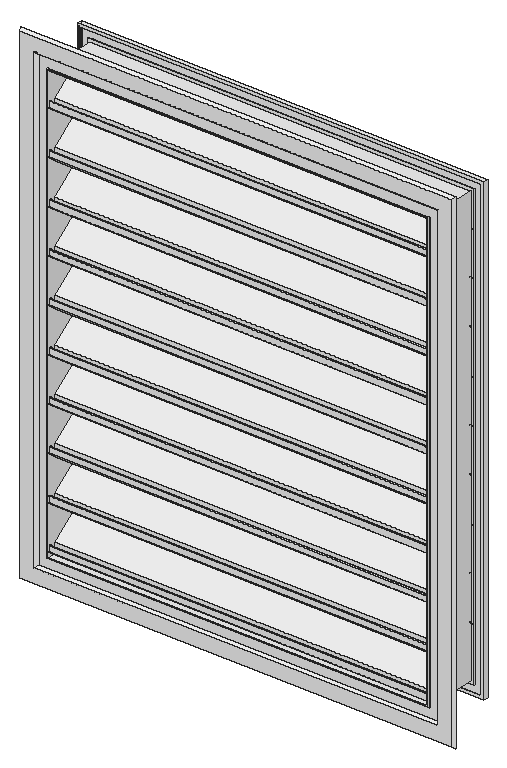
Revit family
Parameters (values of type "OHL-F-D")
  URL = "http://www.productspec.net/products/18507/holyoake-industries-ltd/drainable-louver-ohl-f-d.aspx"
  Type Comments = "Drainable Louver in Flanged Surround"
  Technical Data = "http://www.collate.co.nz/nas/TechnicalFiles/2367/p18507/F9-F10%20OHLFD.pdf"
  Ownership = "Holyoake Industries Limited"
  Overall Opening = Exact Neck Height - 47.00 mm  # 753.00 mm
  Overall Depth = 38.30 mm
  Nominal Width = 706.00 mm
  Nominal Height = 806.00 mm
  Model = "OHL-F-D"
  Manufacturer = "Holyoake Industries Limited"
  Keynote = ""
  Flange Width = 25.40 mm
  Louver Depth = 106.35 mm
  Exact Overall Flange Height = Nominal Height + 44.80 mm  # 850.80 mm
  Exact Overall Flange Width = Nominal Width + 44.80 mm  # 750.80 mm
  Exact Neck Width = Nominal Width - 6.00 mm  # 700.00 mm
  Exact Neck Height = Nominal Height - 6.00 mm  # 800.00 mm
  Description = "Holyoake Drainable Louver"
  Created By = "Productspec Limited"
  Frame & Blades = Aluminium
  Top Blade Height = Overall Opening - Blade Cut Setout  # 67.20 mm
  Connector Width = Exact Neck Width - 71.00 mm  # 629.00 mm
  Connector Height = Exact Neck Height - 71.00 mm  # 729.00 mm
  Blade Width = 99.00 mm
  Blade Pitch = 76.20 mm
  Blade Offset = (Louver Depth - Blade Width) / 2  # 3.675 mm
  Blade Length = Exact Neck Width - 47.00 mm  # 653.00 mm
  Blade Height = 92.68 mm
  Blade Cut Setout = Blade Count * Blade Pitch  # 685.80 mm
  Blade Count = Blade Array Count - 1  # 9
  Blade Array Count = Overall Opening / Blade Pitch  # 9.8819
  Author = "Zinder Zhao"
  Assembly Code = ""
  Accessories = "Aluminium Bird mesh or insect mesh (fibreglass)"
Reference planes
  plane 1 "Flange Origin": y = 0
  plane 2: z = 23.5
  plane 3 "Center (Left/Right)": x = -20.2
  plane 4 "Overall Opening": z = 776.5
  plane 5: y = 101.3
  plane 6: z = 99.7
  plane 7: x = -373.2
  plane 8: x = 329.8
  plane 9: x = -395.6
  plane 10: x = 332.8
  plane 11: x = -370.2
  plane 12: z = 825.4
  plane 13: z = 800
  plane 14: z = 803
  plane 15 "Center": z = 400
  plane 16: z = 116.18
  plane 17 "Cut Blade Setout": z = 709.3
  plane 18 "Center (Front/Back)": y = -5.05
  plane 19: x = 355.2
  plane 20: z = -25.4
  plane 21: z = 0
  plane 22 "Blade Offset": y = -1.375
  plane 23: y = 97.625
  plane 24: z = -3
  plane 25: z = 764.5
  plane 26: z = 35.5
  plane 27: x = -334.7
  plane 28: x = 294.3
  plane 29: x = -346.7
  plane 30: x = 306.3
Forms (mm)
  Sweep 1, solid, material "Aluminium" <- "Frame & Blades", detail levels fine
    path origin (0, 0, 0) x (1, 0, 0) y (0, 0, 1)
      loop
        line (306.3, 23.5) -> (306.3, 776.5) -> (-346.7, 776.5) -> (-346.7, 23.5) -> (306.3, 23.5)
    profile "Holyoake_OutsideLouvre_OHL-102_Flange_profile : OHL-102 Flange Profile" origin (306.3, 0, 400) x (-1, 0, 0) y (0, -1, 0)
      loop
        line (12, -101.3) -> (12, -99.9) -> (0, -99.9) -> (0, 1.9) -> (-1.4, 1.9) -> (-1.4, 0) -> (-17.713, 0) -> (-21.95, 5.05) -> (-45.984, 5.05) -> (-48.9, 0) -> (-45.984, 0) -> (-42.484, 3.5) -> (-24.566, 3.5) -> (-23.5, 2.23) -> (-23.5, -8.2) -> (-18.8, -8.2) -> (-18.8, -6.9) -> (-21.95, -6.9) -> (-21.95, -1.3) -> (-2.95, -1.3) -> (-2.95, -6.9) -> (-6.1, -6.9) -> (-6.1, -8.2) -> (-1.4, -8.2) -> (-1.4, -91.2) -> (-6.1, -91.2) -> (-6.1, -92.5) -> (-2.95, -92.5) -> (-2.95, -98.1) -> (-21.95, -98.1) -> (-21.95, -92.5) -> (-18.8, -92.5) -> (-18.8, -91.2) -> (-23.5, -91.2) -> (-23.5, -99.4) -> (-1.4, -99.4) -> (-1.4, -101.3) -> (12, -101.3)
  Extrusion 2, solid, material "Aluminium" <- "Frame & Blades", detail levels coarse+medium
    sketch origin (0, 0, 0) x (1, 0, 0) y (0, 1, 0)
      loop
        line (-370.2, 101.3) -> (-370.2, -5.05) -> (329.8, -5.05) -> (329.8, 101.3) -> (-370.2, 101.3)
    from 0 to 800
Dimensions and locks
  "Blade Pitch": plane 6 to plane 2
  "Louver Depth": plane 5 to plane 18 "Center (Front/Back)"
  "Blade Offset": plane 22 "Blade Offset" to plane 18 "Center (Front/Back)"
  equal spacing: plane 11, plane 3 "Center (Left/Right)", plane 8
  "Exact Neck Width": plane 11 to plane 8
  "Nominal Width": plane 7 to plane 10
  "Exact Overall Flange Width": plane 9 to plane 19
  locked: plane 7 to plane 11 at 3
  locked: plane 14 to plane 13 at 3
  "Connector Height": plane 26 to plane 25
  "Connector Width": plane 27 to plane 28
  "Blade Length": plane 29 to plane 30
  locked: plane 29 to plane 27 at 12
  plane 4 "Overall Opening" to plane 25 = 12.00 mm
  "Blade Width": plane 23 to plane 22 "Blade Offset"
  "Blade Height": plane 16 to plane 2
  equal spacing: group 1, group 2, group 3, group 4, group 5, group 6, group 7, group 8, group 9  (x3)
  "Flange Width": plane 9 to plane 11
  "Blade Cut Setout": plane 17 "Cut Blade Setout" to plane 2
  equal spacing: plane 13, plane 15 "Center", plane 21
  "Exact Neck Height": plane 13 to plane 21
  "Nominal Height": plane 14 to plane 24
  "Exact Overall Flange Height": plane 12 to plane 20
  "Flange Width": plane 12 to plane 13
  "Overall Opening": plane 4 "Overall Opening" to plane 2
  locked: plane 11 to plane 29 at 23.5
  aligned and locked: plane 4 "Overall Opening" to Sweep 1 sketch curve
  aligned and locked: Sweep 1 sketch curve to plane 2
  aligned and locked: Sweep 1 to plane 4 "Overall Opening"
  aligned and locked: Sweep 1 to plane 18 "Center (Front/Back)"  (x2)
  aligned and locked: plane 22 "Blade Offset" to nested 1  (x2)
  aligned and locked: plane 2 to Sweep 1
  aligned and locked: Sweep 1 to plane 1 "Flange Origin"
  aligned and locked: Sweep 1 to plane 2
  aligned and locked: plane 28 to Sweep 1
  aligned and locked: Sweep 1 to plane 27
  aligned and locked: nested 1 to plane 17 "Cut Blade Setout"
  aligned and locked: nested 2 to plane 2
  aligned and locked: nested 2 to plane 22 "Blade Offset"
  aligned and locked: plane 23 to nested 2
  aligned and locked: plane 16 to nested 2
  aligned and locked: nested 3 to plane 6
  aligned and locked: nested 3 to plane 22 "Blade Offset"
  aligned and locked: plane 23 to nested 3
  aligned and locked: nested 4 to plane 22 "Blade Offset"
  aligned and locked: level to plane 21
  aligned and locked: plane 18 "Center (Front/Back)" to Extrusion 2 sketch curve
  aligned and locked: Extrusion 2 sketch curve to plane 8
  aligned and locked: plane 13 to Extrusion 2
Automatic sketch dimensions
  plane 27 to Sweep 1 sketch curve = 12.00 mm
  Sweep 1 sketch curve to plane 28 = 12.00 mm
  Extrusion 2 sketch curve to plane 11 = 0.00 mm
  Extrusion 2 sketch curve to plane 5 = 0.00 mm
Nested families
  nested 1: "Holyoake_OutsideLouvre_OHL-D_BladeCutted" at (-20.2, -1.375, 709.3), type "OHL-D BladeCutted", detail levels fine
    with Length 653.00 mm
  nested 2: "Holyoake_OutsideLouvre_OHL-D_Blade" at (-20.2, -1.375, 23.5), type "OHL-D", detail levels fine
    with Length 653.00 mm
  nested 3: "Holyoake_OutsideLouvre_OHL-D_Blade" at (-20.2, -1.375, 99.7), type "OHL-D", detail levels fine
    with Length 653.00 mm
  nested 4: "Holyoake_OutsideLouvre_OHL-D_Blade" at (-20.2, -1.375, 175.9), type "OHL-D", detail levels fine
    with Length 653.00 mm
  nested 5: "Holyoake_OutsideLouvre_OHL-D_Blade" at (-20.2, -1.375, 252.1), type "OHL-D", detail levels fine
    with Length 653.00 mm
  nested 6: "Holyoake_OutsideLouvre_OHL-D_Blade" at (-20.2, -1.375, 328.3), type "OHL-D", detail levels fine
    with Length 653.00 mm
  nested 7: "Holyoake_OutsideLouvre_OHL-D_Blade" at (-20.2, -1.375, 404.5), type "OHL-D", detail levels fine
    with Length 653.00 mm
  nested 8: "Holyoake_OutsideLouvre_OHL-D_Blade" at (-20.2, -1.375, 480.7), type "OHL-D", detail levels fine
    with Length 653.00 mm
  nested 9: "Holyoake_OutsideLouvre_OHL-D_Blade" at (-20.2, -1.375, 556.9), type "OHL-D", detail levels fine
    with Length 653.00 mm
  nested 10: "Holyoake_OutsideLouvre_OHL-D_Blade" at (-20.2, -1.375, 633.1), type "OHL-D", detail levels fine
    with Length 653.00 mm
Connectors
  hvac at (-20.2, 101.3, 400), driven by "Connector Height", driven by "Connector Width"
    settings: on Sweep 1, index 1
Definition of nested family "Holyoake_OutsideLouvre_OHL-D_BladeCutted"
  Parameters (values of type "OHL-D BladeCutted")
    Width = 99.00 mm
    URL = "http://www.productspec.net/products/18507/holyoake-industries-ltd/drainable-louver-ohl-f-d.aspx"
    Type Comments = "Drainable Louver Blade"
    Ownership = "Holyoake Industries Ltd"
    Model = "OHL-D"
    Manufacturer = "Holyoake Industries Ltd"
    Length = 683.00 mm
    Height = 92.68 mm
    Created By = "Productspec Ltd"
    Blade Cut Setout = 67.20 mm
    Blade = Aluminium
    Author = "Zinder Zhao"
    Assembly Code = ""
  Reference planes
    plane 1 "Center (Front/Back)": y = 0
    plane 2: z = 0
    plane 3 "Center (Left/Right)": x = 0
    plane 4 "Left": x = -341.5
    plane 5 "Right": x = 341.5
    plane 6: z = 92.68
    plane 7: y = 99
    plane 8: z = 67.2
  Forms (mm)
    Sweep 1, solid, material "Aluminium" <- "Blade", detail levels fine
      path origin (0, 0, 0) x (1, 0, 0) y (0, 1, 0)
        loop
          line (-341.5, 0) -> (341.5, 0)
      profile "Holyoake_OutsideLouvre_OHL-F-D_Blade_profile : OHL-F-D Blade Profile" origin (0, 0, 0) x (0, 1, 0) y (0, 0, 1)
        loop
          line (0, 8.311) -> (10.638, 0) -> (11.673, 0) -> (13.66, 11.315) -> (13.66, 17.552) -> (99, 83.036) -> (99, 84.549) -> (88.592, 92.68) -> (86.643, 92.68) -> (98.017, 83.794) -> (12.46, 18.144) -> (12.46, 11.419) -> (10.712, 1.465) -> (1.2, 8.896) -> (1.2, 17.952) -> (1.639, 18.711) -> (0.599, 19.311) -> (0, 18.273) -> (0, 8.311)
    Extrusion 2, void
      sketch origin (0, 0, 0) x (0, 1, 0) y (0, 0, 1)
        loop
          line (99, 67.2) -> (99, 144.804) -> (0, 144.804) -> (0, 67.2) -> (99, 67.2)
      from -341.5 to 341.5
  Cuts and joins
    Extrusion 2 cuts Sweep 1
  Dimensions and locks
    equal spacing: plane 4 "Left", plane 3 "Center (Left/Right)", plane 5 "Right"
    "Length": plane 4 "Left" to plane 5 "Right"
    "Width": plane 7 to plane 1 "Center (Front/Back)"
    "Height": plane 6 to plane 2
    "Blade Cut Setout": plane 8 to plane 2
    aligned and locked: plane 1 "Center (Front/Back)" to Sweep 1 sketch curve
    aligned and locked: plane 4 "Left" to Sweep 1
    aligned and locked: plane 5 "Right" to Sweep 1
    aligned and locked: plane 1 "Center (Front/Back)" to Sweep 1
    aligned and locked: Sweep 1 to plane 2
    aligned and locked: Sweep 1 to plane 7
    aligned and locked: plane 7 to Extrusion 2 sketch curve
    aligned and locked: Extrusion 2 sketch curve to plane 1 "Center (Front/Back)"
    aligned and locked: Extrusion 2 to plane 4 "Left"
    aligned and locked: plane 5 "Right" to Extrusion 2
    aligned and locked: plane 8 to cut or joined group of Sweep 1, Extrusion 2
  Automatic sketch dimensions
    Sweep 1 sketch curve to plane 4 "Left" = 0.00 mm
    Sweep 1 sketch curve to plane 5 "Right" = 0.00 mm
    Extrusion 2 sketch curve to plane 6 = 25.48 mm
    plane 6 to Extrusion 2 sketch curve = 52.124 mm
Definition of nested family "Holyoake_OutsideLouvre_OHL-D_Blade"
  Parameters (values of type "OHL-D")
    Width = 99.00 mm
    URL = "http://www.productspec.net/products/18507/holyoake-industries-ltd/drainable-louver-ohl-f-d.aspx"
    Type Comments = "Drainable Louver Blade"
    Ownership = "Holyoake Industries Ltd"
    Model = "OHL-D"
    Manufacturer = "Holyoake Industries Ltd"
    Length = 683.00 mm
    Height = 92.68 mm
    Created By = "Productspec Ltd"
    Blade = Aluminium
    Author = "Zinder Zhao"
    Assembly Code = ""
  Reference planes
    plane 1 "Center (Front/Back)": y = 0
    plane 2: z = 0
    plane 3 "Center (Left/Right)": x = 0
    plane 4: x = -341.5
    plane 5: x = 341.5
    plane 6: z = 92.68
    plane 7: y = 99
  Forms (mm)
    Sweep 1, solid, material "Aluminium" <- "Blade", detail levels fine
      path origin (0, 0, 0) x (1, 0, 0) y (0, 1, 0)
        loop
          line (-341.5, 0) -> (341.5, 0)
      profile "Holyoake_OutsideLouvre_OHL-F-D_Blade_profile : OHL-F-D Blade Profile" origin (0, 0, 0) x (0, 1, 0) y (0, 0, 1)
        loop
          line (0, 8.311) -> (10.638, 0) -> (11.673, 0) -> (13.66, 11.315) -> (13.66, 17.552) -> (99, 83.036) -> (99, 84.549) -> (88.592, 92.68) -> (86.643, 92.68) -> (98.017, 83.794) -> (12.46, 18.144) -> (12.46, 11.419) -> (10.712, 1.465) -> (1.2, 8.896) -> (1.2, 17.952) -> (1.639, 18.711) -> (0.599, 19.311) -> (0, 18.273) -> (0, 8.311)
  Dimensions and locks
    equal spacing: plane 4, plane 3 "Center (Left/Right)", plane 5
    "Length": plane 4 to plane 5
    "Width": plane 7 to plane 1 "Center (Front/Back)"
    "Height": plane 6 to plane 2
    aligned and locked: plane 1 "Center (Front/Back)" to Sweep 1 sketch curve
  Automatic sketch dimensions
    Sweep 1 sketch curve to plane 4 = 0.00 mm
    Sweep 1 sketch curve to plane 5 = 0.00 mm
